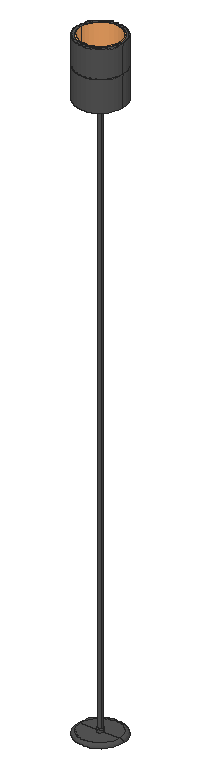
Revit family "MELO CYLINDER PENDANT LIGHT", category Lighting Fixtures, host Face, Revit 2020 (continued)
Types (16): name | Wattage_Input | Wattage Comments | Wattage | Voltage_Input | Size 08 | Size 06 | Size 04 | Selectable Wattage | Photometric Web File | Pendent Rod Length_1 | Pendent | Order number | built-in parameter 1150142 | Model | built-in parameter 1150105 | Lumens | built-in parameter 1150106 | Fixture Diameter | Canopy for Surface Mount J-box | Canopy for Recessed J-Box | Canopy Height | C2 H | C1 H | BEAMING ANGLE
  MELO08R-SP30801-10D-90-GD-BK | 58 W | "58W/44W/29W" | 40.3926 W | 120 V | yes | no | no | 58 W | "generic.ies" | 0' - 0 1/128" | no | "17303" | "IESNA:LM-63-1995\r\n[LUMINAIRE] kronz light <kronz>\r\nTILT=NONE\r\n1\r\n1257.000000\r\n1.0\r\n2\r\n1\r\n1\r\n1\r\n0 0 0\r\n1.0 1.0 100.000000\r\n0.000 180.000 \r\n0.000 \r\n100.000 100.000 \r\n" | "MELO08R-SP30801-10D-90-GD-BK" | 477.33 (stored number, unit not read) | 6000 lm | 4.7733 (stored number, unit not read) | 0' - 7 205/256" | yes | no | 0' - 1 1/2" | 0' - 3 115/128" | 0' - 3 205/256" | 90.00°
  MELO08R-SP30801-10D-24-GD-BK | 58 W | "58W/44W/29W" | 40.3926 W | 0 V | yes | no | no | 58 W | "MELO08R_SP30801_10D_24.IES" | 4' - 0" | yes | "17300" | "IESNA:LM-63-2002\r\n[TEST] \r\n[TESTLAB] EVERFINE\r\n[TESTDATE] 2023-03-20\r\n[ISSUEDATE] 2023-03-21 14:57:56\r\n[NEARFIELD] \r\n[LAMPPOSITION] 0,0\r\n[OTHER] EVERFINE GO-2000B_V1 SYSTEM\r\n[MANUFAC] Aboveall lighting\r\n[LUMINAIRE] MELO08R-SP30801-10D-24\r\n[OTHER] \r\n[OTHER] Gamma(deg)    Fz(lm)      Ft(lm)     %Lum    %Lamp\r\n[OTHER]   0- 10      2330.51     2330.51    40.03    40.03\r\n[OTHER]  10- 20      2388.38     4718.89    81.06    81.06\r\n[OTHER]  20- 30       617.34     5336.23    91.66    91.66\r\n[OTHER]  30- 40       286.80     5623.03    96.59    96.59\r\n[OTHER]  40- 50        91.50     5714.53    98.16    98.16\r\n[OTHER]  50- 60        42.71     5757.25    98.90    98.90\r\n[OTHER]  60- 70        28.50     5785.75    99.39    99.39\r\n[OTHER]  70- 80        15.06     5800.81    99.64    99.64\r\n[OTHER]  80- 90         4.23     5805.04    99.72    99.72\r\n[OTHER]  90-100         0.16     5805.20    99.72    99.72\r\n[OTHER] 100-110         0.18     5805.38    99.72    99.72\r\n[OTHER] 110-120         0.24     5805.63    99.73    99.73\r\n[OTHER] 120-130         0.37     5806.00    99.73    99.73\r\n[OTHER] 130-140         0.70     5806.70    99.75    99.75\r\n[OTHER] 140-150         1.54     5808.24    99.77    99.77\r\n[OTHER] 150-160         4.41     5812.65    99.85    99.85\r\n[OTHER] 160-170         6.17     5818.82    99.95    99.95\r\n[OTHER] 170-180         2.68     5821.50   100.00   100.00\r\n[OTHER] \r\nTILT=NONE\r\n1 -1 1 181 25 1 2 -0.185 -0.185 0.000\r\n1.000 1 62.8\r\n0.0    1.0    2.0    3.0    4.0    5.0    6.0    7.0    8.0    9.0    \r\n 10.0   11.0   12.0   13.0   14.0   15.0   16.0   17.0   18.0   19.0   \r\n 20.0   21.0   22.0   23.0   24.0   25.0   26.0   27.0   28.0   29.0   \r\n 30.0   31.0   32.0   33.0   34.0   35.0   36.0   37.0   38.0   39.0   \r\n 40.0   41.0   42.0   43.0   44.0   45.0   46.0   47.0   48.0   49.0   \r\n 50.0   51.0   52.0   53.0   54.0   55.0   56.0   57.0   58.0   59.0   \r\n 60.0   61.0   62.0   63.0   64.0   65.0   66.0   67.0   68.0   69.0   \r\n 70.0   71.0   72.0   73.0   74.0   75.0   76.0   77.0   78.0   79.0   \r\n 80.0   81.0   82.0   83.0   84.0   85.0   86.0   87.0   88.0   89.0   \r\n 90.0   91.0   92.0   93.0   94.0   95.0   96.0   97.0   98.0   99.0   \r\n 100.0  101.0  102.0  103.0  104.0  105.0  106.0  107.0  108.0  109.0  \r\n 110.0  111.0  112.0  113.0  114.0  115.0  116.0  117.0  118.0  119.0  \r\n 120.0  121.0  122.0  123.0  124.0  125.0  126.0  127.0  128.0  129.0  \r\n 130.0  131.0  132.0  133.0  134.0  135.0  136.0  137.0  138.0  139.0  \r\n 140.0  141.0  142.0  143.0  144.0  145.0  146.0  147.0  148.0  149.0  \r\n 150.0  151.0  152.0  153.0  154.0  155.0  156.0  157.0  158.0  159.0  \r\n 160.0  161.0  162.0  163.0  164.0  165.0  166.0  167.0  168.0  169.0  \r\n 170.0  171.0  172.0  173.0  174.0  175.0  176.0  177.0  178.0  179.0  \r\n 180.0  \r\n0.0    15.0   30.0   45.0   60.0   75.0   90.0   105.0  120.0  135.0  \r\n 150.0  165.0  180.0  195.0  210.0  225.0  240.0  255.0  270.0  285.0  \r\n 300.0  315.0  330.0  345.0  360.0  \r\n28451.53 28275.02 27967.82 27571.30 27109.05 26444.27 25410.85 24017.17 22175.57 20097.54 \r\n 17757.92 15382.92 13065.12 10747.96 8706.84  6890.61  5347.46  4039.30  3100.27  2492.74  \r\n 2094.87  1817.56  1608.19  1438.96  1310.43  1182.35  1069.76  965.56   861.58   769.40   \r\n 700.15   641.01   589.83   497.81   439.02   387.09   341.90   310.54   280.89   250.67   \r\n 199.18   160.39   139.75   119.34   108.09   99.27    92.50    86.74    80.86    69.64    \r\n 60.19    54.26    50.34    48.12    46.20    44.67    43.15    41.42    39.53    37.94    \r\n 36.11    34.38    32.60    30.85    29.14    27.43    25.80    24.21    22.66    21.16    \r\n 19.72    18.29    16.93    15.63    14.37    13.15    11.98    10.84    9.75     8.70     \r\n 7.67     6.67     5.73     4.79     3.89     3.03     2.18     1.40     0.64     0.17     \r\n 0.16     0.16     0.16     0.16     0.16     0.16     0.16     0.16     0.16     0.16     \r\n 0.16     0.16     0.16     0.16     0.17     0.17     0.19     0.21     0.22     0.23     \r\n 0.23     0.23     0.23     0.23     0.23     0.24     0.25     0.27     0.29     0.29     \r\n 0.30     0.33     0.36     0.36     0.40     0.43     0.45     0.53     0.53     0.58     \r\n 0.64     0.68     0.73     0.80     0.87     0.95     1.02     1.11     1.19     1.31     \r\n 1.42     1.56     1.71     1.92     2.17     2.49     2.88     3.35     3.89     4.53     \r\n 5.28     6.10     7.01     8.00     9.12     10.29    11.54    12.83    14.18    15.54    \r\n 16.87    18.21    19.52    20.74    21.92    23.03    24.01    24.86    25.58    26.17    \r\n 26.70    27.13    27.50    27.83    28.10    28.43    28.69    28.95    29.20    29.36    \r\n 29.49    \r\n28388.08 28275.52 28027.90 27657.17 27234.52 26683.37 25804.66 24563.66 22962.88 21001.25 \r\n 18819.29 16501.70 14163.98 11892.88 9769.33  7854.61  6165.90  4687.57  3737.06  2789.94  \r\n 2299.47  1961.13  1717.94  1526.45  1371.59  1241.15  1123.90  1014.58  912.83   808.15   \r\n 725.92   664.54   611.94   544.24   460.32   410.95   358.23   324.73   293.98   263.14   \r\n 222.03   175.70   144.61   125.35   112.29   102.61   95.24    89.29    83.78    76.73    \r\n 64.79    56.87    52.40    49.39    47.42    45.66    44.13    42.45    40.49    38.82    \r\n 37.06    35.30    33.52    31.77    30.04    28.35    26.68    25.07    23.51    21.96    \r\n 20.49    19.04    17.65    16.29    15.04    13.78    12.58    11.43    10.32    9.24     \r\n 8.19     7.17     6.22     5.30     4.38     3.50     2.65     1.83     1.08     0.33     \r\n 0.13     0.13     0.13     0.13     0.14     0.14     0.14     0.14     0.14     0.16     \r\n 0.16     0.16     0.17     0.17     0.18     0.19     0.19     0.20     0.20     0.20     \r\n 0.21     0.21     0.23     0.24     0.25     0.25     0.26     0.27     0.28     0.29     \r\n 0.32     0.33     0.35     0.37     0.40     0.42     0.45     0.48     0.53     0.57     \r\n 0.61     0.66     0.72     0.78     0.84     0.91     0.99     1.07     1.16     1.26     \r\n 1.36     1.49     1.63     1.80     2.02     2.29     2.63     3.04     3.53     4.10     \r\n 4.78     5.55     6.44     7.41     8.47     9.59     10.80    12.05    13.38    14.72    \r\n 16.09    17.45    18.79    20.10    21.33    22.44    23.46    24.39    25.21    25.89    \r\n 26.51    27.02    27.44    27.80    28.13    28.45    28.75    29.01    29.28    29.48    \r\n 29.49    \r\n28295.58 28234.20 28037.48 27689.65 27270.79 26753.58 25975.09 24883.29 23393.24 21630.40 \r\n 19524.14 17344.53 15042.69 12778.43 10635.61 8620.31  6855.63  5260.52  3964.88  3049.98  \r\n 2455.00  2074.20  1801.33  1592.49  1426.09  1296.86  1168.01  1056.94  953.07   848.58   \r\n 755.89   685.63   630.65   582.78   483.50   426.22   374.92   335.90   304.65   273.90   \r\n 241.67   192.09   154.70   135.20   115.91   105.24   97.23    91.06    85.80    80.07    \r\n 68.95    59.61    54.26    50.43    48.31    46.47    45.00    43.55    41.61    39.76    \r\n 38.18    36.05    34.25    32.51    30.77    29.05    27.40    25.77    24.20    22.66    \r\n 21.17    19.71    18.31    16.95    15.66    14.40    13.20    12.02    10.89    9.81     \r\n 8.73     7.70     6.73     5.76     4.82     3.90     3.04     2.19     1.42     0.66     \r\n 0.17     0.15     0.15     0.15     0.15     0.15     0.15     0.15     0.15     0.15     \r\n 0.15     0.15     0.15     0.15     0.15     0.16     0.17     0.17     0.17     0.19     \r\n 0.20     0.21     0.22     0.22     0.22     0.22     0.23     0.26     0.30     0.31     \r\n 0.31     0.31     0.31     0.35     0.37     0.38     0.42     0.44     0.49     0.53     \r\n 0.56     0.60     0.66     0.73     0.82     0.84     0.94     1.00     1.11     1.18     \r\n 1.28     1.41     1.55     1.69     1.88     2.14     2.46     2.84     3.29     3.84     \r\n 4.47     5.19     6.03     6.92     7.92     9.01     10.21    11.43    12.73    14.07    \r\n 15.43    16.79    18.16    19.47    20.71    21.88    22.98    23.94    24.81    25.54    \r\n 26.19    26.73    27.20    27.62    28.01    28.37    28.72    28.99    29.26    29.50    \r\n 29.49    \r\n28208.72 28246.50 28154.46 27892.36 27481.03 26986.32 26367.52 25493.30 24289.41 22749.87 \r\n 20886.61 18840.03 16635.12 14391.48 12182.26 10091.72 8183.61  6394.64  4881.38  3664.02  \r\n 2844.69  2324.51  1986.45  1736.76  1541.61  1387.14  1253.88  1135.36  1026.22  927.20   \r\n 820.24   736.67   669.10   615.86   556.75   462.82   412.70   361.46   327.33   294.96   \r\n 262.55   225.54   178.08   145.81   125.48   111.91   102.06   94.50    88.62    83.50    \r\n 77.36    65.71    57.36    52.98    49.81    47.88    46.26    44.83    43.50    41.41    \r\n 39.65    37.62    35.49    33.77    32.01    30.30    28.60    26.94    25.35    23.78    \r\n 22.25    20.76    19.32    17.92    16.60    15.29    14.06    12.86    11.68    10.57    \r\n 9.48     8.42     7.40     6.44     5.49     4.57     3.68     2.81     2.01     1.22     \r\n 0.49     0.12     0.12     0.12     0.12     0.12     0.13     0.13     0.14     0.14     \r\n 0.14     0.15     0.16     0.16     0.16     0.18     0.17     0.17     0.18     0.19     \r\n 0.20     0.20     0.21     0.22     0.23     0.23     0.25     0.25     0.27     0.28     \r\n 0.29     0.30     0.32     0.34     0.36     0.38     0.41     0.44     0.48     0.51     \r\n 0.56     0.59     0.65     0.70     0.76     0.82     0.89     0.96     1.05     1.14     \r\n 1.23     1.34     1.45     1.60     1.75     1.96     2.22     2.54     2.93     3.40     \r\n 3.96     4.59     5.36     6.23     7.17     8.19     9.30     10.50    11.74    13.04    \r\n 14.40    15.77    17.14    18.50    19.81    21.05    22.19    23.26    24.24    25.08    \r\n 25.81    26.44    26.98    27.47    27.93    28.33    28.69    29.03    29.31    29.52    \r\n 29.49    \r\n28156.98 28242.11 28196.58 27984.51 27595.19 27077.80 26472.52 25721.44 24640.68 23294.50 \r\n 21584.36 19662.35 17560.26 15352.08 13139.47 10994.87 9029.97  7180.00  5537.04  4149.56  \r\n 3148.87  2514.08  2104.29  1818.93  1604.82  1436.03  1306.10  1176.58  1064.09  962.29   \r\n 859.30   764.80   691.01   633.04   586.05   490.13   429.79   382.43   339.30   307.68   \r\n 276.27   246.17   196.91   158.31   137.57   117.03   106.01   97.70    91.19    85.81    \r\n 80.43    70.41    60.99    54.93    51.11    48.92    47.00    45.40    44.04    42.20    \r\n 40.31    38.60    36.19    34.41    32.70    30.93    29.25    27.59    25.98    24.43    \r\n 22.90    21.38    19.94    18.54    17.19    15.89    14.63    13.40    12.23    11.11    \r\n 9.99     8.92     7.90     6.88     5.94     4.97     4.05     3.16     2.33     1.54     \r\n 0.79     0.19     0.15     0.15     0.15     0.15     0.15     0.15     0.15     0.15     \r\n 0.15     0.15     0.15     0.15     0.15     0.15     0.15     0.15     0.17     0.17     \r\n 0.21     0.23     0.24     0.24     0.24     0.24     0.24     0.24     0.24     0.24     \r\n 0.28     0.29     0.29     0.31     0.32     0.36     0.36     0.41     0.46     0.46     \r\n 0.50     0.55     0.60     0.66     0.72     0.77     0.84     0.90     0.99     1.08     \r\n 1.18     1.27     1.39     1.52     1.66     1.86     2.10     2.40     2.76     3.21     \r\n 3.74     4.35     5.07     5.87     6.76     7.72     8.81     9.96     11.18    12.48    \r\n 13.81    15.18    16.56    17.92    19.24    20.53    21.72    22.89    23.94    24.82    \r\n 25.58    26.26    26.81    27.28    27.73    28.14    28.51    28.83    29.14    29.29    \r\n 29.49    \r\n28077.78 28215.55 28218.39 28058.02 27725.05 27222.03 26619.07 25927.46 25008.59 23806.82 \r\n 22307.25 20512.12 18521.79 16357.46 14134.02 11975.48 9926.54  7993.37  6280.32  4749.62  \r\n 3758.55  2771.32  2267.43  1928.77  1684.74  1499.08  1349.11  1221.60  1106.89  1000.85  \r\n 900.17   798.15   717.95   655.89   606.18   530.55   452.33   404.56   353.94   320.69   \r\n 289.33   257.90   217.12   172.86   142.36   123.23   110.41   101.19   93.82    88.18    \r\n 82.91    76.15    64.73    56.73    52.38    49.39    47.50    45.80    44.34    42.85    \r\n 40.74    39.06    37.06    35.06    33.32    31.63    29.92    28.25    26.61    25.03    \r\n 23.49    21.98    20.51    19.08    17.72    16.37    15.10    13.87    12.66    11.51    \r\n 10.38    9.30     8.24     7.24     6.27     5.34     4.43     3.52     2.69     1.85     \r\n 1.11     0.36     0.12     0.11     0.12     0.12     0.13     0.13     0.14     0.14     \r\n 0.14     0.15     0.15     0.16     0.16     0.16     0.17     0.18     0.19     0.19     \r\n 0.20     0.20     0.21     0.22     0.22     0.23     0.24     0.25     0.25     0.27     \r\n 0.28     0.29     0.30     0.32     0.34     0.36     0.39     0.41     0.44     0.48     \r\n 0.52     0.56     0.61     0.65     0.71     0.77     0.84     0.91     0.99     1.07     \r\n 1.15     1.26     1.36     1.48     1.63     1.79     2.00     2.27     2.60     3.00     \r\n 3.48     4.04     4.72     5.48     6.35     7.30     8.35     9.47     10.66    11.91    \r\n 13.24    14.60    15.98    17.36    18.70    20.02    21.25    22.40    23.46    24.43    \r\n 25.26    25.96    26.54    26.98    27.36    27.74    28.08    28.39    28.67    28.88    \r\n 29.49    \r\n28987.79 28934.36 28702.02 28191.94 27680.17 27026.59 26233.42 25210.99 23870.79 22270.69 \r\n 20354.35 18258.76 16029.04 13757.27 11539.68 9467.16  7575.40  5872.15  4419.04  3523.42  \r\n 2632.40  2181.34  1874.52  1645.88  1471.01  1326.43  1207.33  1094.39  990.02   887.62   \r\n 788.70   715.04   655.57   606.41   512.73   447.52   399.70   349.33   316.49   284.95   \r\n 253.22   205.92   164.35   137.63   120.82   109.32   100.53   93.67    88.05    82.50    \r\n 73.42    62.68    56.06    51.73    49.41    47.48    45.72    44.16    42.37    40.29    \r\n 38.72    36.85    35.12    33.38    31.62    29.91    28.21    26.57    24.98    23.41    \r\n 21.89    20.41    18.97    17.57    16.22    14.94    13.69    12.46    11.29    10.16    \r\n 9.08     8.01     6.98     5.99     5.07     4.15     3.26     2.40     1.60     0.81     \r\n 0.14     0.11     0.11     0.11     0.12     0.12     0.13     0.13     0.13     0.14     \r\n 0.14     0.15     0.15     0.16     0.17     0.16     0.18     0.18     0.18     0.19     \r\n 0.20     0.21     0.22     0.22     0.23     0.24     0.26     0.26     0.27     0.28     \r\n 0.30     0.31     0.33     0.35     0.37     0.41     0.43     0.46     0.50     0.54     \r\n 0.59     0.63     0.69     0.76     0.82     0.89     0.97     1.06     1.14     1.24     \r\n 1.35     1.47     1.60     1.74     1.93     2.16     2.44     2.80     3.23     3.77     \r\n 4.41     5.16     6.07     7.03     8.13     9.32     10.59    11.91    13.33    14.78    \r\n 16.24    17.72    19.19    20.60    21.95    23.20    24.35    25.34    26.20    26.93    \r\n 27.49    27.91    28.19    28.39    28.53    28.69    28.87    29.00    29.05    29.03    \r\n 29.49    \r\n28884.70 28853.05 28616.22 28215.36 27632.24 27003.04 26283.84 25318.28 24058.51 22471.65 \r\n 20589.84 18529.27 16290.98 14009.47 11823.80 9638.89  7713.61  5994.85  4517.60  3402.44  \r\n 2669.32  2196.71  1885.27  1655.60  1478.81  1348.05  1217.66  1107.29  1004.58  907.44   \r\n 804.49   728.74   667.53   618.24   529.02   459.17   409.93   354.66   320.30   288.96   \r\n 258.66   213.12   170.04   146.20   122.52   110.25   101.23   93.90    88.04    82.47    \r\n 74.66    63.56    56.18    51.84    49.43    47.50    45.70    44.18    42.50    40.35    \r\n 38.75    36.91    35.20    33.46    31.72    30.01    28.33    26.71    25.13    23.56    \r\n 22.02    20.59    19.13    17.76    16.38    15.11    13.83    12.64    11.46    10.34    \r\n 9.25     8.18     7.17     6.14     5.19     4.27     3.35     2.52     1.64     0.88     \r\n 0.24     0.14     0.14     0.15     0.14     0.16     0.16     0.16     0.16     0.16    
